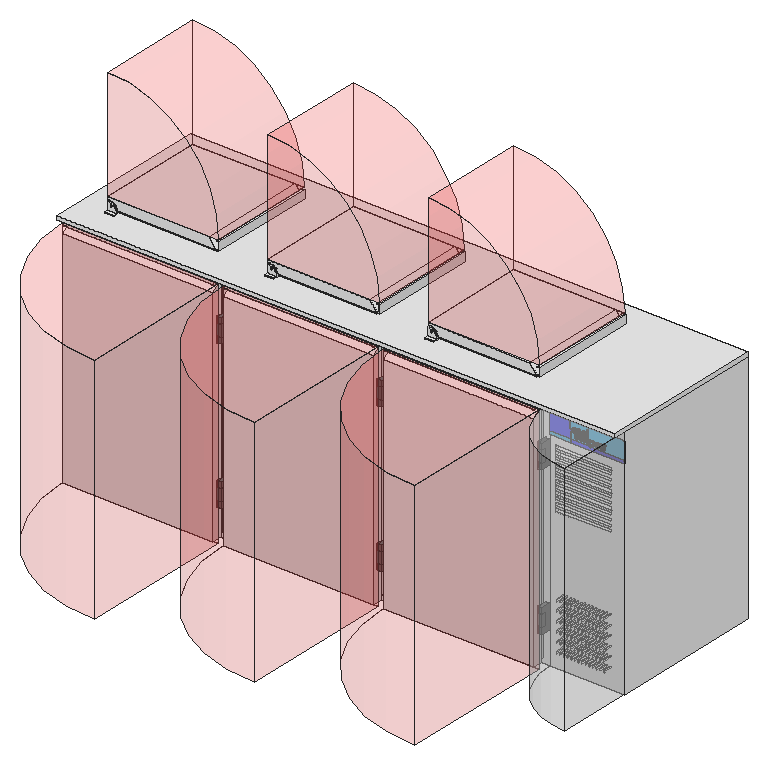
Revit family "QF_Cool-Compact_Abfallkuehler_3x120L_ZK", category Sonderausstattung, Revit 2020 (continued)
Forms (mm)
  Extrusion 9, solid, detail levels fine
    sketch origin (708.929, 0, 0) x (1, 0, 0) y (0, 0, 1)
      loop
        arc (1432.082, 247.556) -> (1432.082, 253.213) -> (1426.425, 253.213) r 4
        line (1426.425, 253.213) -> (1398.141, 224.928)
      loop
        arc (1413.741, 224.928) -> (1413.741, 219.271) -> (1419.398, 219.271) r 4
        line (1419.398, 219.271) -> (1447.682, 247.556)
        arc (1447.682, 247.556) -> (1447.682, 253.213) -> (1442.025, 253.213) r 4
        line (1442.025, 253.213) -> (1413.741, 224.928)
      loop
        line (1434.998, 219.271) -> (1463.282, 247.556)
        arc (1463.282, 247.556) -> (1463.282, 253.213) -> (1457.625, 253.213) r 4
        line (1457.625, 253.213) -> (1429.341, 224.928)
        arc (1429.341, 224.928) -> (1429.341, 219.271) -> (1434.998, 219.271) r 4
      loop
        line (1450.598, 219.271) -> (1478.882, 247.556)
        arc (1478.882, 247.556) -> (1478.882, 253.213) -> (1473.225, 253.213) r 4
        line (1473.225, 253.213) -> (1444.941, 224.928)
        arc (1444.941, 224.928) -> (1444.941, 219.271) -> (1450.598, 219.271) r 4
      loop
        arc (1460.541, 224.928) -> (1460.541, 219.271) -> (1466.198, 219.271) r 4
        line (1466.198, 219.271) -> (1494.482, 247.556)
        arc (1494.482, 247.556) -> (1494.482, 253.213) -> (1488.825, 253.213) r 4
        line (1488.825, 253.213) -> (1460.541, 224.928)
      loop
        arc (1476.141, 224.928) -> (1476.141, 219.271) -> (1481.798, 219.271) r 4
        line (1481.798, 219.271) -> (1510.082, 247.556)
        arc (1510.082, 247.556) -> (1510.082, 253.213) -> (1504.425, 253.213) r 4
        line (1504.425, 253.213) -> (1476.141, 224.928)
      loop
        arc (1491.741, 224.928) -> (1491.741, 219.271) -> (1497.398, 219.271) r 4
        line (1497.398, 219.271) -> (1525.682, 247.556)
        arc (1525.682, 247.556) -> (1525.682, 253.213) -> (1520.025, 253.213) r 4
        line (1520.025, 253.213) -> (1491.741, 224.928)
      loop
        arc (1507.341, 224.928) -> (1507.341, 219.271) -> (1512.998, 219.271) r 4
        line (1512.998, 219.271) -> (1541.282, 247.556)
        arc (1541.282, 247.556) -> (1541.282, 253.213) -> (1535.625, 253.213) r 4
        line (1535.625, 253.213) -> (1507.341, 224.928)
      loop
        arc (1522.941, 224.928) -> (1522.941, 219.271) -> (1528.598, 219.271) r 4
        line (1528.598, 219.271) -> (1556.882, 247.556)
        arc (1556.882, 247.556) -> (1556.882, 253.213) -> (1551.225, 253.213) r 4
        line (1551.225, 253.213) -> (1522.941, 224.928)
      loop
        arc (1538.541, 224.928) -> (1538.541, 219.271) -> (1544.198, 219.271) r 4
        line (1544.198, 219.271) -> (1572.482, 247.556)
        arc (1572.482, 247.556) -> (1572.482, 253.213) -> (1566.825, 253.213) r 4
        line (1566.825, 253.213) -> (1538.541, 224.928)
      loop
        arc (1554.141, 224.928) -> (1554.141, 219.271) -> (1559.798, 219.271) r 4
        line (1559.798, 219.271) -> (1588.082, 247.556)
        arc (1588.082, 247.556) -> (1588.082, 253.213) -> (1582.425, 253.213) r 4
        line (1582.425, 253.213) -> (1554.141, 224.928)
      loop
        arc (1569.741, 224.928) -> (1569.741, 219.271) -> (1575.398, 219.271) r 4
        line (1575.398, 219.271) -> (1603.682, 247.556)
        arc (1603.682, 247.556) -> (1603.682, 253.213) -> (1598.025, 253.213) r 4
        line (1598.025, 253.213) -> (1569.741, 224.928)
      loop
        arc (1585.341, 224.928) -> (1585.341, 219.271) -> (1590.998, 219.271) r 4
        line (1590.998, 219.271) -> (1619.282, 247.556)
        arc (1619.282, 247.556) -> (1619.282, 253.213) -> (1613.625, 253.213) r 4
        line (1613.625, 253.213) -> (1585.341, 224.928)
      loop
        arc (1600.941, 224.928) -> (1600.941, 219.271) -> (1606.598, 219.271) r 4
        line (1606.598, 219.271) -> (1634.882, 247.556)
        arc (1634.882, 247.556) -> (1634.882, 253.213) -> (1629.225, 253.213) r 4
        line (1629.225, 253.213) -> (1600.941, 224.928)
      loop
        arc (1398.141, 184.628) -> (1398.141, 178.971) -> (1403.798, 178.971) r 4
        line (1403.798, 178.971) -> (1432.082, 207.256)
        arc (1432.082, 207.256) -> (1432.082, 212.913) -> (1426.425, 212.913) r 4
        line (1426.425, 212.913) -> (1398.141, 184.628)
      loop
        arc (1413.741, 184.628) -> (1413.741, 178.971) -> (1419.398, 178.971) r 4
        line (1419.398, 178.971) -> (1447.682, 207.256)
        arc (1447.682, 207.256) -> (1447.682, 212.913) -> (1442.025, 212.913) r 4
        line (1442.025, 212.913) -> (1413.741, 184.628)
      loop
        line (1434.998, 178.971) -> (1463.282, 207.256)
        arc (1463.282, 207.256) -> (1463.282, 212.913) -> (1457.625, 212.913) r 4
        line (1457.625, 212.913) -> (1429.341, 184.628)
        arc (1429.341, 184.628) -> (1429.341, 178.971) -> (1434.998, 178.971) r 4
      loop
        line (1450.598, 178.971) -> (1478.882, 207.256)
        arc (1478.882, 207.256) -> (1478.882, 212.913) -> (1473.225, 212.913) r 4
        line (1473.225, 212.913) -> (1444.941, 184.628)
        arc (1444.941, 184.628) -> (1444.941, 178.971) -> (1450.598, 178.971) r 4
      loop
        arc (1460.541, 184.628) -> (1460.541, 178.971) -> (1466.198, 178.971) r 4
        line (1466.198, 178.971) -> (1494.482, 207.256)
        arc (1494.482, 207.256) -> (1494.482, 212.913) -> (1488.825, 212.913) r 4
        line (1488.825, 212.913) -> (1460.541, 184.628)
      loop
        arc (1476.141, 184.628) -> (1476.141, 178.971) -> (1481.798, 178.971) r 4
        line (1481.798, 178.971) -> (1510.082, 207.256)
        arc (1510.082, 207.256) -> (1510.082, 212.913) -> (1504.425, 212.913) r 4
        line (1504.425, 212.913) -> (1476.141, 184.628)
      loop
        arc (1491.741, 184.628) -> (1491.741, 178.971) -> (1497.398, 178.971) r 4
        line (1497.398, 178.971) -> (1525.682, 207.256)
        arc (1525.682, 207.256) -> (1525.682, 212.913) -> (1520.025, 212.913) r 4
        line (1520.025, 212.913) -> (1491.741, 184.628)
      loop
        arc (1507.341, 184.628) -> (1507.341, 178.971) -> (1512.998, 178.971) r 4
        line (1512.998, 178.971) -> (1541.282, 207.256)
        arc (1541.282, 207.256) -> (1541.282, 212.913) -> (1535.625, 212.913) r 4
        line (1535.625, 212.913) -> (1507.341, 184.628)
      loop
        arc (1522.941, 184.628) -> (1522.941, 178.971) -> (1528.598, 178.971) r 4
        line (1528.598, 178.971) -> (1556.882, 207.256)
        arc (1556.882, 207.256) -> (1556.882, 212.913) -> (1551.225, 212.913) r 4
        line (1551.225, 212.913) -> (1522.941, 184.628)
      loop
        arc (1538.541, 184.628) -> (1538.541, 178.971) -> (1544.198, 178.971) r 4
        line (1544.198, 178.971) -> (1572.482, 207.256)
        arc (1572.482, 207.256) -> (1572.482, 212.913) -> (1566.825, 212.913) r 4
        line (1566.825, 212.913) -> (1538.541, 184.628)
      loop
        arc (1554.141, 184.628) -> (1554.141, 178.971) -> (1559.798, 178.971) r 4
        line (1559.798, 178.971) -> (1588.082, 207.256)
        arc (1588.082, 207.256) -> (1588.082, 212.913) -> (1582.425, 212.913) r 4
        line (1582.425, 212.913) -> (1554.141, 184.628)
      loop
        arc (1569.741, 184.628) -> (1569.741, 178.971) -> (1575.398, 178.971) r 4
        line (1575.398, 178.971) -> (1603.682, 207.256)
        arc (1603.682, 207.256) -> (1603.682, 212.913) -> (1598.025, 212.913) r 4
        line (1598.025, 212.913) -> (1569.741, 184.628)
      loop
        arc (1585.341, 184.628) -> (1585.341, 178.971) -> (1590.998, 178.971) r 4
        line (1590.998, 178.971) -> (1619.282, 207.256)
        arc (1619.282, 207.256) -> (1619.282, 212.913) -> (1613.625, 212.913) r 4
        line (1613.625, 212.913) -> (1585.341, 184.628)
      loop
        arc (1600.941, 184.628) -> (1600.941, 178.971) -> (1606.598, 178.971) r 4
        line (1606.598, 178.971) -> (1634.882, 207.256)
        arc (1634.882, 207.256) -> (1634.882, 212.913) -> (1629.225, 212.913) r 4
        line (1629.225, 212.913) -> (1600.941, 184.628)
      loop
        arc (1398.141, 144.328) -> (1398.141, 138.671) -> (1403.798, 138.671) r 4
        line (1403.798, 138.671) -> (1432.082, 166.956)
        arc (1432.082, 166.956) -> (1432.082, 172.613) -> (1426.425, 172.613) r 4
        line (1426.425, 172.613) -> (1398.141, 144.328)
      loop
        arc (1413.741, 144.328) -> (1413.741, 138.671) -> (1419.398, 138.671) r 4
        line (1419.398, 138.671) -> (1447.682, 166.956)
        arc (1447.682, 166.956) -> (1447.682, 172.613) -> (1442.025, 172.613) r 4
        line (1442.025, 172.613) -> (1413.741, 144.328)
      loop
        line (1434.998, 138.671) -> (1463.282, 166.956)
        arc (1463.282, 166.956) -> (1463.282, 172.613) -> (1457.625, 172.613) r 4
        line (1457.625, 172.613) -> (1429.341, 144.328)
        arc (1429.341, 144.328) -> (1429.341, 138.671) -> (1434.998, 138.671) r 4
      loop
        line (1450.598, 138.671) -> (1478.882, 166.956)
        arc (1478.882, 166.956) -> (1478.882, 172.613) -> (1473.225, 172.613) r 4
        line (1473.225, 172.613) -> (1444.941, 144.328)
        arc (1444.941, 144.328) -> (1444.941, 138.671) -> (1450.598, 138.671) r 4
      loop
        arc (1460.541, 144.328) -> (1460.541, 138.671) -> (1466.198, 138.671) r 4
        line (1466.198, 138.671) -> (1494.482, 166.956)
        arc (1494.482, 166.956) -> (1494.482, 172.613) -> (1488.825, 172.613) r 4
        line (1488.825, 172.613) -> (1460.541, 144.328)
      loop
        arc (1476.141, 144.328) -> (1476.141, 138.671) -> (1481.798, 138.671) r 4
        line (1481.798, 138.671) -> (1510.082, 166.956)
        arc (1510.082, 166.956) -> (1510.082, 172.613) -> (1504.425, 172.613) r 4
        line (1504.425, 172.613) -> (1476.141, 144.328)
      loop
        arc (1491.741, 144.328) -> (1491.741, 138.671) -> (1497.398, 138.671) r 4
        line (1497.398, 138.671) -> (1525.682, 166.956)
        arc (1525.682, 166.956) -> (1525.682, 172.613) -> (1520.025, 172.613) r 4
        line (1520.025, 172.613) -> (1491.741, 144.328)
      loop
        arc (1507.341, 144.328) -> (1507.341, 138.671) -> (1512.998, 138.671) r 4
        line (1512.998, 138.671) -> (1541.282, 166.956)
        arc (1541.282, 166.956) -> (1541.282, 172.613) -> (1535.625, 172.613) r 4
        line (1535.625, 172.613) -> (1507.341, 144.328)
      loop
        arc (1522.941, 144.328) -> (1522.941, 138.671) -> (1528.598, 138.671) r 4
        line (1528.598, 138.671) -> (1556.882, 166.956)
        arc (1556.882, 166.956) -> (1556.882, 172.613) -> (1551.225, 172.613) r 4
        line (1551.225, 172.613) -> (1522.941, 144.328)
      loop
        arc (1538.541, 144.328) -> (1538.541, 138.671) -> (1544.198, 138.671) r 4
        line (1544.198, 138.671) -> (1572.482, 166.956)
        arc (1572.482, 166.956) -> (1572.482, 172.613) -> (1566.825, 172.613) r 4
        line (1566.825, 172.613) -> (1538.541, 144.328)
      loop
        arc (1554.141, 144.328) -> (1554.141, 138.671) -> (1559.798, 138.671) r 4
        line (1559.798, 138.671) -> (1588.082, 166.956)
        arc (1588.082, 166.956) -> (1588.082, 172.613) -> (1582.425, 172.613) r 4
        line (1582.425, 172.613) -> (1554.141, 144.328)
      loop
        arc (1569.741, 144.328) -> (1569.741, 138.671) -> (1575.398, 138.671) r 4
        line (1575.398, 138.671) -> (1603.682, 166.956)
        arc (1603.682, 166.956) -> (1603.682, 172.613) -> (1598.025, 172.613) r 4
        line (1598.025, 172.613) -> (1569.741, 144.328)
      loop
        arc (1585.341, 144.328) -> (1585.341, 138.671) -> (1590.998, 138.671) r 4
        line (1590.998, 138.671) -> (1619.282, 166.956)
        arc (1619.282, 166.956) -> (1619.282, 172.613) -> (1613.625, 172.613) r 4
        line (1613.625, 172.613) -> (1585.341, 144.328)
      loop
        arc (1600.941, 144.328) -> (1600.941, 138.671) -> (1606.598, 138.671) r 4
        line (1606.598, 138.671) -> (1634.882, 166.956)
        arc (1634.882, 166.956) -> (1634.882, 172.613) -> (1629.225, 172.613) r 4
        line (1629.225, 172.613) -> (1600.941, 144.328)
      loop
        arc (1398.141, 104.028) -> (1398.141, 98.371) -> (1403.798, 98.371) r 4
        line (1403.798, 98.371) -> (1432.082, 126.656)
        arc (1432.082, 126.656) -> (1432.082, 132.313) -> (1426.425, 132.313) r 4
        line (1426.425, 132.313) -> (1398.141, 104.028)
      loop
        arc (1413.741, 104.028) -> (1413.741, 98.371) -> (1419.398, 98.371) r 4
        line (1419.398, 98.371) -> (1447.682, 126.656)
        arc (1447.682, 126.656) -> (1447.682, 132.313) -> (1442.025, 132.313) r 4
        line (1442.025, 132.313) -> (1413.741, 104.028)
      loop
        line (1434.998, 98.371) -> (1463.282, 126.656)
        arc (1463.282, 126.656) -> (1463.282, 132.313) -> (1457.625, 132.313) r 4
        line (1457.625, 132.313) -> (1429.341, 104.028)
        arc (1429.341, 104.028) -> (1429.341, 98.371) -> (1434.998, 98.371) r 4
      loop
        line (1450.598, 98.371) -> (1478.882, 126.656)
        arc (1478.882, 126.656) -> (1478.882, 132.313) -> (1473.225, 132.313) r 4
        line (1473.225, 132.313) -> (1444.941, 104.028)
        arc (1444.941, 104.028) -> (1444.941, 98.371) -> (1450.598, 98.371) r 4
      loop
        arc (1460.541, 104.028) -> (1460.541, 98.371) -> (1466.198, 98.371) r 4
        line (1466.198, 98.371) -> (1494.482, 126.656)
        arc (1494.482, 126.656) -> (1494.482, 132.313) -> (1488.825, 132.313) r 4
        line (1488.825, 132.313) -> (1460.541, 104.028)
      loop
        arc (1476.141, 104.028) -> (1476.141, 98.371) -> (1481.798, 98.371) r 4
        line (1481.798, 98.371) -> (1510.082, 126.656)
        arc (1510.082, 126.656) -> (1510.082, 132.313) -> (1504.425, 132.313) r 4
        line (1504.425, 132.313) -> (1476.141, 104.028)
      loop
        arc (1491.741, 104.028) -> (1491.741, 98.371) -> (1497.398, 98.371) r 4
        line (1497.398, 98.371) -> (1525.682, 126.656)
        arc (1525.682, 126.656) -> (1525.682, 132.313) -> (1520.025, 132.313) r 4
        line (1520.025, 132.313) -> (1491.741, 104.028)
      loop
        arc (1507.341, 104.028) -> (1507.341, 98.371) -> (1512.998, 98.371) r 4
        line (1512.998, 98.371) -> (1541.282, 126.656)
        arc (1541.282, 126.656) -> (1541.282, 132.313) -> (1535.625, 132.313) r 4
        line (1535.625, 132.313) -> (1507.341, 104.028)
      loop
        arc (1522.941, 104.028) -> (1522.941, 98.371) -> (1528.598, 98.371) r 4
        line (1528.598, 98.371) -> (1556.882, 126.656)
        arc (1556.882, 126.656) -> (1556.882, 132.313) -> (1551.225, 132.313) r 4
        line (1551.225, 132.313) -> (1522.941, 104.028)
      loop
        arc (1538.541, 104.028) -> (1538.541, 98.371) -> (1544.198, 98.371) r 4
        line (1544.198, 98.371) -> (1572.482, 126.656)
        arc (1572.482, 126.656) -> (1572.482, 132.313) -> (1566.825, 132.313) r 4
        line (1566.825, 132.313) -> (1538.541, 104.028)
      loop
        arc (1554.141, 104.028) -> (1554.141, 98.371) -> (1559.798, 98.371) r 4
        line (1559.798, 98.371) -> (1588.082, 126.656)
        arc (1588.082, 126.656) -> (1588.082, 132.313) -> (1582.425, 132.313) r 4
        line (1582.425, 132.313) -> (1554.141, 104.028)
      loop
        arc (1569.741, 104.028) -> (1569.741, 98.371) -> (1575.398, 98.371) r 4
        line (1575.398, 98.371) -> (1603.682, 126.656)
        arc (1603.682, 126.656) -> (1603.682, 132.313) -> (1598.025, 132.313) r 4
        line (1598.025, 132.313) -> (1569.741, 104.028)
      loop
        arc (1585.341, 104.028) -> (1585.341, 98.371) -> (1590.998, 98.371) r 4
        line (1590.998, 98.371) -> (1619.282, 126.656)
        arc (1619.282, 126.656) -> (1619.282, 132.313) -> (1613.625, 132.313) r 4
        line (1613.625, 132.313) -> (1585.341, 104.028)
      loop
        arc (1600.941, 104.028) -> (1600.941, 98.371) -> (1606.598, 98.371) r 4
        line (1606.598, 98.371) -> (1634.882, 126.656)
        arc (1634.882, 126.656) -> (1634.882, 132.313) -> (1629.225, 132.313) r 4
        line (1629.225, 132.313) -> (1600.941, 104.028)
      loop
        arc (1398.141, 63.728) -> (1398.141, 58.071) -> (1403.798, 58.071) r 4
        line (1403.798, 58.071) -> (1432.082, 86.356)
        arc (1432.082, 86.356) -> (1432.082, 92.013) -> (1426.425, 92.013) r 4
        line (1426.425, 92.013) -> (1398.141, 63.728)
      loop
        arc (1413.741, 63.728) -> (1413.741, 58.071) -> (1419.398, 58.071) r 4
        line (1419.398, 58.071) -> (1447.682, 86.356)
        arc (1447.682, 86.356) -> (1447.682, 92.013) -> (1442.025, 92.013) r 4
        line (1442.025, 92.013) -> (1413.741, 63.728)
      loop
        line (1434.998, 58.071) -> (1463.282, 86.356)
        arc (1463.282, 86.356) -> (1463.282, 92.013) -> (1457.625, 92.013) r 4
        line (1457.625, 92.013) -> (1429.341, 63.728)
        arc (1429.341, 63.728) -> (1429.341, 58.071) -> (1434.998, 58.071) r 4
      loop
        line (1450.598, 58.071) -> (1478.882, 86.356)
        arc (1478.882, 86.356) -> (1478.882, 92.013) -> (1473.225, 92.013) r 4
        line (1473.225, 92.013) -> (1444.941, 63.728)
        arc (1444.941, 63.728) -> (1444.941, 58.071) -> (1450.598, 58.071) r 4
      loop
        arc (1460.541, 63.728) -> (1460.541, 58.071) -> (1466.198, 58.071) r 4
        line (1466.198, 58.071) -> (1494.482, 86.356)
        arc (1494.482, 86.356) -> (1494.482, 92.013) -> (1488.825, 92.013) r 4
        line (1488.825, 92.013) -> (1460.541, 63.728)
      loop
        arc (1476.141, 63.728) -> (1476.141, 58.071) -> (1481.798, 58.071) r 4
        line (1481.798, 58.071) -> (1510.082, 86.356)
        arc (1510.082, 86.356) -> (1510.082, 92.013) -> (1504.425, 92.013) r 4
        line (1504.425, 92.013) -> (1476.141, 63.728)
      loop
        arc (1491.741, 63.728) -> (1491.741, 58.071) -> (1497.398, 58.071) r 4
        line (1497.398, 58.071) -> (1525.682, 86.356)
        arc (1525.682, 86.356) -> (1525.682, 92.013) -> (1520.025, 92.013) r 4
        line (1520.025, 92.013) -> (1491.741, 63.728)
      loop
        arc (1507.341, 63.728) -> (1507.341, 58.071) -> (1512.998, 58.071) r 4
        line (1512.998, 58.071) -> (1541.282, 86.356)
        arc (1541.282, 86.356) -> (1541.282, 92.013) -> (1535.625, 92.013) r 4
        line (1535.625, 92.013) -> (1507.341, 63.728)
      loop
        arc (1522.941, 63.728) -> (1522.941, 58.071) -> (1528.598, 58.071) r 4
        line (1528.598, 58.071) -> (1556.882, 86.356)
        arc (1556.882, 86.356) -> (1556.882, 92.013) -> (1551.225, 92.013) r 4
        line (1551.225, 92.013) -> (1522.941, 63.728)
      loop
        arc (1538.541, 63.728) -> (1538.541, 58.071) -> (1544.198, 58.071) r 4
        line (1544.198, 58.071) -> (1572.482, 86.356)
        arc (1572.482, 86.356) -> (1572.482, 92.013) -> (1566.825, 92.013) r 4
        line (1566.825, 92.013) -> (1538.541, 63.728)
      loop
        arc (1554.141, 63.728) -> (1554.141, 58.071) -> (1559.798, 58.071) r 4
        line (1559.798, 58.071) -> (1588.082, 86.356)
        arc (1588.082, 86.356) -> (1588.082, 92.013) -> (1582.425, 92.013) r 4
        line (1582.425, 92.013) -> (1554.141, 63.728)
      loop
        arc (1569.741, 63.728) -> (1569.741, 58.071) -> (1575.398, 58.071) r 4
        line (1575.398, 58.071) -> (1603.682, 86.356)
        arc (1603.682, 86.356) -> (1603.682, 92.013) -> (1598.025, 92.013) r 4
        line (1598.025, 92.013) -> (1569.741, 63.728)
      loop
        arc (1585.341, 63.728) -> (1585.341, 58.071) -> (1590.998, 58.071) r 4
        line (1590.998, 58.071) -> (1619.282, 86.356)
        arc (1619.282, 86.356) -> (1619.282, 92.013) -> (1613.625, 92.013) r 4
        line (1613.625, 92.013) -> (1585.341, 63.728)
      loop
        arc (1600.941, 63.728) -> (1600.941, 58.071) -> (1606.598, 58.071) r 4
        line (1606.598, 58.071) -> (1634.882, 86.356)
        arc (1634.882, 86.356) -> (1634.882, 92.013) -> (1629.225, 92.013) r 4
        line (1629.225, 92.013) -> (1600.941, 63.728)
    from 609 to 665
  Extrusion 10, solid, detail levels fine
    sketch origin (1342.808, 0, 0) x (-1, 0, 0) y (0, 0, -1)
      loop
        line (752.308, -1042) -> (752.308, -1077) -> (763.708, -1077)
        arc (763.708, -1077) -> (764.308, -1076.4) -> (763.708, -1075.8) r 0.6
        line (763.708, -1075.8) -> (753.508, -1075.8) -> (753.508, -1043.2) -> (765.908, -1043.2) -> (794.619, -1082) -> (1232.308, -1082) -> (1232.308, -1042) -> (752.308, -1042)
    from 125 to 585
  Extrusion 11, solid, detail levels fine
    sketch origin (1342.808, -12.5, 0) x (-1, 0, 0) y (0, 0, -1)
      loop
        line (1230.43, -1030) -> (1192.308, -1030) -> (1192.308, -1042.541)
        arc (1192.308, -1042.541) -> (1193.683, -1047.602) -> (1197.43, -1051.271) r 10
        arc (1197.43, -1051.271) -> (1200.544, -1053.989) -> (1202.292, -1057.735) r 10
        line (1202.292, -1057.735) -> (1202.757, -1059.736)
        arc (1202.757, -1059.736) -> (1207.83, -1067.199) -> (1216.601, -1069.315) r 12.524
        arc (1216.601, -1069.315) -> (1220.167, -1067.281) -> (1222.8, -1070.431) r 3.2
        arc (1222.8, -1070.431) -> (1223.093, -1071.138) -> (1223.8, -1071.431) r 1
        line (1223.8, -1071.431) -> (1225.43, -1071.431)
        arc (1225.43, -1071.431) -> (1228.966, -1069.966) -> (1230.43, -1066.431) r 5
        line (1230.43, -1066.431) -> (1230.43, -1030)
      loop
        line (1217.508, -1058) -> (1217.508, -1054.5)
        arc (1217.508, -1054.5) -> (1214.308, -1051.3) -> (1211.108, -1054.5) r 3.2
        line (1211.108, -1054.5) -> (1211.108, -1058)
        arc (1211.108, -1058) -> (1214.308, -1061.2) -> (1217.508, -1058) r 3.2
    from 572.5 to 575.5
  Extrusion 12, solid, material "QF_Rubber-Gray", detail levels medium+fine
    sketch origin (1343, 0, 0) x (-1, 0, 0) y (0, -1, 0)
      loop
        line (1211, 136.5) -> (1211, 573.5) -> (774, 573.5) -> (774, 136.5) -> (1211, 136.5)
    from 1030 to 1042
  Extrusion 13, solid, detail levels fine
    sketch origin (1343, -12.5, 0) x (-1, 0, 0) y (0, 0, -1)
      loop
        circle (1199.5, -1059) r 3
      loop
        circle (1214.5, -1055) r 3
    from 572.5 to 575.5
  Extrusion 14, solid, detail levels fine
    sketch origin (1343, -697.5, 0) x (-1, 0, 0) y (0, 0, 1)
      loop
        circle (1199.5, 1059) r 3
      loop
        circle (1214.5, 1055) r 3
    from 572.5 to 575.5
  Extrusion 15, solid, material "QF_Rubber-Gray", detail levels medium+fine
    sketch origin (-689.5, 0, 0) x (1, 0, 0) y (0, 0, 1)
      loop
        line (729, 990.5) -> (729, 28.5) -> (1351, 28.5) -> (1351, 990.5) -> (729, 990.5)
    from 668.8 to 681
  Extrusion 16, solid, material "QF_Plastic-Light Gray", detail levels medium+fine
    sketch origin (-689.5, 0, 0) x (1, 0, 0) y (0, 0, 1)
      loop
        arc (724.2, 1001) -> (723.493, 1000.707) -> (723.2, 1000) r 1
        line (723.2, 1000) -> (723.2, 19)
        arc (723.2, 19) -> (723.493, 18.293) -> (724.2, 18) r 1
        line (724.2, 18) -> (1355.8, 18)
        arc (1355.8, 18) -> (1356.507, 18.293) -> (1356.8, 19) r 1
        line (1356.8, 19) -> (1356.8, 1000)
        arc (1356.8, 1000) -> (1356.507, 1000.707) -> (1355.8, 1001) r 1
        line (1355.8, 1001) -> (724.2, 1001)
    from 665 to 668.8
  Extrusion 17, solid, detail levels coarse
    sketch origin (10.5, 0, 0) x (1, 0, 0) y (0, 1, 0)
      loop
        line (100, -585) -> (580, -585) -> (580, -125) -> (100, -125) -> (100, -585)
    from 1030 to 1082
  Extrusion 18, solid, detail levels medium
    sketch origin (10.5, 0, 0) x (1, 0, 0) y (0, 1, 0)
      loop
        line (100, -585) -> (580, -585) -> (580, -125) -> (100, -125) -> (100, -585)
    from 1042 to 1082
  Extrusion 19, solid, detail levels fine
    sketch origin (-47, -12.5, 0) x (1, 0, 0) y (0, 1, 0)
      loop
        line (159.378, -575.5) -> (159.378, -592.5) -> (197.5, -592.5) -> (197.5, -575.5) -> (159.378, -575.5)
    from 1030 to 1033
  Extrusion 20, solid, detail levels fine
    sketch origin (-47, -697.5, 0) x (1, 0, 0) y (0, 1, 0)
      loop
        line (159.378, 575.5) -> (197.5, 575.5) -> (197.5, 592.5) -> (159.378, 592.5) -> (159.378, 575.5)
    from 1030 to 1033
  Extrusion 21, solid, detail levels fine
    sketch origin (1342.808, -697.5, 0) x (-1, 0, 0) y (0, 0, 1)
      loop
        line (1230.43, 1030) -> (1230.43, 1066.431)
        arc (1230.43, 1066.431) -> (1228.966, 1069.966) -> (1225.43, 1071.431) r 5
        line (1225.43, 1071.431) -> (1223.8, 1071.431)
        arc (1223.8, 1071.431) -> (1223.093, 1071.138) -> (1222.8, 1070.431) r 1
        arc (1222.8, 1070.431) -> (1220.167, 1067.281) -> (1216.601, 1069.315) r 3.2
        arc (1216.601, 1069.315) -> (1207.83, 1067.199) -> (1202.757, 1059.736) r 12.524
        line (1202.757, 1059.736) -> (1202.292, 1057.735)
        arc (1202.292, 1057.735) -> (1200.544, 1053.989) -> (1197.43, 1051.271) r 10
        arc (1197.43, 1051.271) -> (1193.683, 1047.602) -> (1192.308, 1042.541) r 10
        line (1192.308, 1042.541) -> (1192.308, 1030) -> (1230.43, 1030)
      loop
        arc (1217.508, 1058) -> (1214.308, 1061.2) -> (1211.108, 1058) r 3.2
        line (1211.108, 1058) -> (1211.108, 1054.5)
        arc (1211.108, 1054.5) -> (1214.308, 1051.3) -> (1217.508, 1054.5) r 3.2
        line (1217.508, 1054.5) -> (1217.508, 1058)
    from 572.5 to 575.5
  Extrusion 22, solid, detail levels medium
    sketch origin (0, 0, 0) x (1, 0, 0) y (0, 1, 0)
      loop
        line (27.5, -681) -> (27.5, -721) -> (673.5, -721) -> (673.5, -681) -> (27.5, -681)
    from 10 to 1011
  Extrusion 23, solid, detail levels coarse
    sketch origin (0, 0, 0) x (1, 0, 0) y (0, 1, 0)
      loop
        line (27.5, -665) -> (27.5, -721) -> (697.5, -721) -> (697.5, -665) -> (27.5, -665)
    from 10 to 1011
  Extrusion 24, solid, detail levels fine
    sketch origin (690, 0, 0) x (1, 0, 0) y (0, 1, 0)
      loop
        line (1390.008, 0) -> (1390.008, -15) -> (1695, -15) -> (1695, -665) -> (1710, -665) -> (1710, 0) -> (1390.008, 0)
    from 0 to 1014
  Extrusion 25, solid, visible <- "Notwendige Abstände anzeigen"
    sketch origin (1400.5, 0, 0) x (-1, 0, 0) y (0, 0, -1)
      loop
        line (1290, -1562) -> (1290, -1082) -> (810, -1082)
        arc (810, -1082) -> (950.589, -1421.411) -> (1290, -1562) r 480
    from 125 to 585
  Extrusion 26, solid, detail levels coarse+medium
    sketch origin (708.929, 0, 0) x (1, 0, 0) y (0, 0, 1)
      loop
        line (1371.071, 1014) -> (1371.071, 0) -> (1676.071, 0) -> (1676.071, 1014) -> (1371.071, 1014)
    from 609 to 665
  Extrusion 27, solid, detail levels coarse+medium
    sketch origin (0, 28.867, 0) x (1, 0, 0) y (0, 1, 0)
      loop
        line (2080, -693.867) -> (2080, -28.867) -> (0, -28.867) -> (0, -693.867) -> (2080, -693.867)
    from 0 to 1014
  Extrusion 28, solid, detail levels coarse+medium
    sketch origin (690, 0, 0) x (1, 0, 0) y (0, 1, 0)
      loop
        line (1390.008, 0) -> (1390.008, -15) -> (1695, -15) -> (1695, -665) -> (1710, -665) -> (1710, 0) -> (1390.008, 0)
    from 0 to 1014
  Extrusion 29, solid, visible <- "Notwendige Abstände anzeigen"
    sketch origin (690, 0, 0) x (1, 0, 0) y (0, 1, 0)
      loop
        arc (1390, -665) -> (1483.726, -891.274) -> (1710, -985) r 320
        line (1710, -985) -> (1710, -665) -> (1390, -665)
    from 0 to 1014
  Extrusion 30, solid, material "QF_Rubber-Black"
    sketch origin (0, 250, 0) x (0, 1, 0) y (0, 0, 1)
      loop
        circle (-300, 500) r 7.5
    from 2080 to 2200
  Extrusion 31, solid, material "QF_Plastic-Black-Matte", detail levels fine
    sketch origin (701, 0, 0) x (0, 1, 0) y (0, 0, -1)
      loop
        line (-689, -850.5) -> (-707, -850.5) -> (-707, -875) -> (-665, -875) -> (-665, -773) -> (-707, -773) -> (-707, -797.5) -> (-689, -797.5) -> (-689, -850.5)
    from 3.5 to 19.5
  Extrusion 32, solid, material "QF_Plastic-Black-Matte", detail levels fine
    sketch origin (701, 0, 0) x (-1, 0, 0) y (0, 0, -1)
      loop
        line (27.5, -875) -> (27.5, -773) -> (21.5, -773) -> (21.5, -798.5) -> (3.5, -798.5) -> (3.5, -849.5) -> (21.5, -849.5) -> (21.5, -875) -> (27.5, -875)
    from 693 to 707
  Extrusion 33, solid, material "QF_Plastic-Black-Matte", detail levels fine
    sketch origin (701, 0, 0) x (-1, 0, 0) y (0, -1, 0)
      loop
        circle (12.5, 698) r 3
    from 849.5 to 850.5
  Extrusion 34, solid, material "QF_Plastic-Black-Matte", detail levels fine
    sketch origin (701, 0, 1648) x (0, 1, 0) y (-1, 0, 0)
      loop
        circle (-698, 12.5) r 3
    from -798.5 to -797.5
  Extrusion 35, solid, material "QF_Plastic-Black-Matte", detail levels fine
    sketch origin (701, 0, 0) x (-1, 0, 0) y (0, -1, 0)
      loop
        circle (12.5, 698) r 3
    from 797.5 to 798.5
  Extrusion 36, solid, material "QF_Plastic-Black-Matte", detail levels fine
    sketch origin (701, 0, -634) x (0, 1, 0) y (0, 0, -1)
      loop
        line (-689, -850.5) -> (-707, -850.5) -> (-707, -875) -> (-665, -875) -> (-665, -773) -> (-707, -773) -> (-707, -797.5) -> (-689, -797.5) -> (-689, -850.5)
    from 3.5 to 19.5
  Extrusion 37, solid, material "QF_Plastic-Black-Matte", detail levels fine
    sketch origin (701, 0, -634) x (-1, 0, 0) y (0, 0, -1)
      loop
        line (27.5, -875) -> (27.5, -773) -> (21.5, -773) -> (21.5, -798.5) -> (3.5, -798.5) -> (3.5, -849.5) -> (21.5, -849.5) -> (21.5, -875) -> (27.5, -875)
    from 693 to 707
  Extrusion 38, solid, material "QF_Plastic-Black-Matte", detail levels fine
    sketch origin (701, 0, -634) x (-1, 0, 0) y (0, -1, 0)
      loop
        circle (12.5, 698) r 3
    from 849.5 to 850.5
  Extrusion 39, solid, material "QF_Plastic-Black-Matte", detail levels fine
    sketch origin (701, 0, -634) x (-1, 0, 0) y (0, -1, 0)
      loop
        circle (12.5, 698) r 3
    from 797.5 to 798.5
  Extrusion 40, solid, material "QF_Plastic-Black-Matte", detail levels medium
    sketch origin (701, 0, 0) x (-1, 0, 0) y (0, -1, 0)
      loop
        line (3.5, 665) -> (27.5, 665) -> (27.5, 707) -> (3.5, 707) -> (3.5, 665)
    from 139 to 241
  Extrusion 41, solid, material "QF_Plastic-Black-Matte", detail levels medium
    sketch origin (701, 0, 0) x (-1, 0, 0) y (0, -1, 0)
      loop
        line (3.5, 665) -> (27.5, 665) -> (27.5, 707) -> (3.5, 707) -> (3.5, 665)
    from 773 to 875
  Sweep 42, solid, material "QF_Plastic-Light Gray"
    path origin (0, 0, 0) x (1, 0, 0) y (0, 1, 0)
      loop
        line (2080, -50) -> (2109.7, -50)
        arc (2109.7, -50) -> (2152.339, -67.661) -> (2170, -110.3) r 60.3
        line (2170, -110.3) -> (2170, -160)
    profile origin (2170, -135.15, 0) x (1, 0, 0) y (0, 0, 1)
      loop
        circle (0, 50) r 9.55
  Sweep 43, solid, material "QF_Copper"
    path origin (-30, 0, -360) x (1, 0, 0) y (0, 0, 1)
      loop
        line (2200, 512.5) -> (2200, 500)
    profile origin (2170, 0, 146.25) x (0, -1, 0) y (1, 0, 0)
      loop
        circle (50, 0) r 3
  Sweep 44, solid, material "QF_Rubber-Black"
    path origin (-30, 0, -360) x (1, 0, 0) y (0, 0, 1)
      loop
        line (2200, 512.5) -> (2200, 525)
        arc (2200, 525) -> (2192.678, 542.678) -> (2175, 550) r 25
        line (2175, 550) -> (2110, 550)
    profile origin (2112.5, 0, 190) x (0, 0, -1) y (0, -1, 0)
      loop
        circle (0, 50) r 16
  Sweep 45, solid, material "QF_Copper"
    path origin (30, 0, -360) x (1, 0, 0) y (0, 0, 1)
      loop
        line (2200, 512.5) -> (2200, 500)
    profile origin (2230, 0, 146.25) x (0, -1, 0) y (1, 0, 0)
      loop
        circle (50, 0) r 4
  Sweep 46, solid, material "QF_Rubber-Black"
    path origin (30, 0, -360) x (1, 0, 0) y (0, 0, 1)
      loop
        line (2200, 512.5) -> (2200, 550)
        arc (2200, 550) -> (2185.355, 585.355) -> (2150, 600) r 50
        line (2150, 600) -> (2050, 600)
    profile origin (2130, 0, 240) x (0, 0, -1) y (0, -1, 0)
      loop
        circle (0, 50) r 17
  Extrusion 47, void
    sketch origin (0, 0, 0) x (1, 0, 0) y (0, 0, 1)
      loop
        line (2290, 40) -> (2290, 150) -> (2190, 150) -> (2190, 40) -> (2290, 40)
      loop
        circle (2240, 285) r 25
    from 0 to 15
  Extrusion 48, solid, visible <- "Notwendige Abstände anzeigen"
    sketch origin (901, 0, 0) x (-1, 0, 0) y (0, -1, 0)
      loop
        arc (873.5, 721) -> (677.262, 1194.762) -> (203.5, 1391) r 670
        line (203.5, 1391) -> (203.5, 721) -> (873.5, 721)
    from 10 to 1011
  Extrusion 49, solid, detail levels fine
    sketch origin (2032.808, 0, 0) x (-1, 0, 0) y (0, 0, -1)
      loop
        line (752.308, -1042) -> (752.308, -1077) -> (763.708, -1077)
        arc (763.708, -1077) -> (764.308, -1076.4) -> (763.708, -1075.8) r 0.6
        line (763.708, -1075.8) -> (753.508, -1075.8) -> (753.508, -1043.2) -> (765.908, -1043.2) -> (794.619, -1082) -> (1232.308, -1082) -> (1232.308, -1042) -> (752.308, -1042)
    from 125 to 585
  Extrusion 50, solid, detail levels fine
    sketch origin (2032.808, -12.5, 0) x (-1, 0, 0) y (0, 0, -1)
      loop
        line (1230.43, -1030) -> (1192.308, -1030) -> (1192.308, -1042.541)
        arc (1192.308, -1042.541) -> (1193.683, -1047.602) -> (1197.43, -1051.271) r 10
        arc (1197.43, -1051.271) -> (1200.544, -1053.989) -> (1202.292, -1057.735) r 10
        line (1202.292, -1057.735) -> (1202.757, -1059.736)
        arc (1202.757, -1059.736) -> (1207.83, -1067.199) -> (1216.601, -1069.315) r 12.524
        arc (1216.601, -1069.315) -> (1220.167, -1067.281) -> (1222.8, -1070.431) r 3.2
        arc (1222.8, -1070.431) -> (1223.093, -1071.138) -> (1223.8, -1071.431) r 1
        line (1223.8, -1071.431) -> (1225.43, -1071.431)
        arc (1225.43, -1071.431) -> (1228.966, -1069.966) -> (1230.43, -1066.431) r 5
        line (1230.43, -1066.431) -> (1230.43, -1030)
      loop
        line (1217.508, -1058) -> (1217.508, -1054.5)
        arc (1217.508, -1054.5) -> (1214.308, -1051.3) -> (1211.108, -1054.5) r 3.2
        line (1211.108, -1054.5) -> (1211.108, -1058)
        arc (1211.108, -1058) -> (1214.308, -1061.2) -> (1217.508, -1058) r 3.2
    from 572.5 to 575.5
  Extrusion 51, solid, material "QF_Rubber-Gray", detail levels medium+fine
    sketch origin (2033, 0, 0) x (-1, 0, 0) y (0, -1, 0)
      loop
        line (1211, 136.5) -> (1211, 573.5) -> (774, 573.5) -> (774, 136.5) -> (1211, 136.5)
    from 1030 to 1042
  Extrusion 52, solid, detail levels fine
    sketch origin (2033, -12.5, 0) x (-1, 0, 0) y (0, 0, -1)
      loop
        circle (1199.5, -1059) r 3
      loop
        circle (1214.5, -1055) r 3
    from 572.5 to 575.5
  Extrusion 53, solid, detail levels fine
    sketch origin (2033, -697.5, 0) x (-1, 0, 0) y (0, 0, 1)
      loop
        circle (1199.5, 1059) r 3
      loop
        circle (1214.5, 1055) r 3
    from 572.5 to 575.5
  Extrusion 54, solid, detail levels coarse
    sketch origin (700.5, 0, 0) x (1, 0, 0) y (0, 1, 0)
      loop
        line (100, -585) -> (580, -585) -> (580, -125) -> (100, -125) -> (100, -585)
    from 1030 to 1082
  Extrusion 55, solid, detail levels medium
    sketch origin (700.5, 0, 0) x (1, 0, 0) y (0, 1, 0)
      loop
        line (100, -585) -> (580, -585) -> (580, -125) -> (100, -125) -> (100, -585)
    from 1042 to 1082
  Extrusion 56, solid, detail levels fine
    sketch origin (643, -12.5, 0) x (1, 0, 0) y (0, 1, 0)
      loop
        line (159.378, -575.5) -> (159.378, -592.5) -> (197.5, -592.5) -> (197.5, -575.5) -> (159.378, -575.5)
    from 1030 to 1033
  Extrusion 57, solid, detail levels fine
    sketch origin (643, -697.5, 0) x (1, 0, 0) y (0, 1, 0)
      loop
        line (159.378, 575.5) -> (197.5, 575.5) -> (197.5, 592.5) -> (159.378, 592.5) -> (159.378, 575.5)
    from 1030 to 1033
  Extrusion 58, solid, detail levels fine
    sketch origin (2032.808, -697.5, 0) x (-1, 0, 0) y (0, 0, 1)
      loop
        line (1230.43, 1030) -> (1230.43, 1066.431)
        arc (1230.43, 1066.431) -> (1228.966, 1069.966) -> (1225.43, 1071.431) r 5
        line (1225.43, 1071.431) -> (1223.8, 1071.431)
        arc (1223.8, 1071.431) -> (1223.093, 1071.138) -> (1222.8, 1070.431) r 1
        arc (1222.8, 1070.431) -> (1220.167, 1067.281) -> (1216.601, 1069.315) r 3.2
        arc (1216.601, 1069.315) -> (1207.83, 1067.199) -> (1202.757, 1059.736) r 12.524
        line (1202.757, 1059.736) -> (1202.292, 1057.735)
        arc (1202.292, 1057.735) -> (1200.544, 1053.989) -> (1197.43, 1051.271) r 10
        arc (1197.43, 1051.271) -> (1193.683, 1047.602) -> (1192.308, 1042.541) r 10
        line (1192.308, 1042.541) -> (1192.308, 1030) -> (1230.43, 1030)
      loop
        arc (1217.508, 1058) -> (1214.308, 1061.2) -> (1211.108, 1058) r 3.2
        line (1211.108, 1058) -> (1211.108, 1054.5)
        arc (1211.108, 1054.5) -> (1214.308, 1051.3) -> (1217.508, 1054.5) r 3.2
        line (1217.508, 1054.5) -> (1217.508, 1058)
    from 572.5 to 575.5
  Extrusion 59, solid, visible <- "Notwendige Abstände anzeigen"
    sketch origin (2090.5, 0, 0) x (-1, 0, 0) y (0, 0, -1)
      loop
        line (1290, -1562) -> (1290, -1082) -> (810, -1082)
        arc (810, -1082) -> (950.589, -1421.411) -> (1290, -1562) r 480
    from 125 to 585
  Extrusion 60, solid, detail levels fine
    sketch origin (2722.808, 0, 0) x (-1, 0, 0) y (0, 0, -1)
      loop
        line (752.308, -1042) -> (752.308, -1077) -> (763.708, -1077)
        arc (763.708, -1077) -> (764.308, -1076.4) -> (763.708, -1075.8) r 0.6
        line (763.708, -1075.8) -> (753.508, -1075.8) -> (753.508, -1043.2) -> (765.908, -1043.2) -> (794.619, -1082) -> (1232.308, -1082) -> (1232.308, -1042) -> (752.308, -1042)
    from 125 to 585
  Extrusion 61, solid, detail levels fine
    sketch origin (2722.808, -12.5, 0) x (-1, 0, 0) y (0, 0, -1)
      loop
        line (1230.43, -1030) -> (1192.308, -1030) -> (1192.308, -1042.541)
        arc (1192.308, -1042.541) -> (1193.683, -1047.602) -> (1197.43, -1051.271) r 10
        arc (1197.43, -1051.271) -> (1200.544, -1053.989) -> (1202.292, -1057.735) r 10
        line (1202.292, -1057.735) -> (1202.757, -1059.736)
        arc (1202.757, -1059.736) -> (1207.83, -1067.199) -> (1216.601, -1069.315) r 12.524
        arc (1216.601, -1069.315) -> (1220.167, -1067.281) -> (1222.8, -1070.431) r 3.2
        arc (1222.8, -1070.431) -> (1223.093, -1071.138) -> (1223.8, -1071.431) r 1
        line (1223.8, -1071.431) -> (1225.43, -1071.431)
        arc (1225.43, -1071.431) -> (1228.966, -1069.966) -> (1230.43, -1066.431) r 5
        line (1230.43, -1066.431) -> (1230.43, -1030)
      loop
        line (1217.508, -1058) -> (1217.508, -1054.5)
        arc (1217.508, -1054.5) -> (1214.308, -1051.3) -> (1211.108, -1054.5) r 3.2
        line (1211.108, -1054.5) -> (1211.108, -1058)
        arc (1211.108, -1058) -> (1214.308, -1061.2) -> (1217.508, -1058) r 3.2
    from 572.5 to 575.5
  Extrusion 62, solid, material "QF_Rubber-Gray", detail levels medium+fine
    sketch origin (2723, 0, 0) x (-1, 0, 0) y (0, -1, 0)
      loop
        line (1211, 136.5) -> (1211, 573.5) -> (774, 573.5) -> (774, 136.5) -> (1211, 136.5)
    from 1030 to 1042
  Extrusion 63, solid, detail levels fine
    sketch origin (2723, -12.5, 0) x (-1, 0, 0) y (0, 0, -1)
      loop
        circle (1199.5, -1059) r 3
      loop
        circle (1214.5, -1055) r 3
    from 572.5 to 575.5
  Extrusion 64, solid, detail levels fine
    sketch origin (2723, -697.5, 0) x (-1, 0, 0) y (0, 0, 1)
      loop
        circle (1199.5, 1059) r 3
      loop
        circle (1214.5, 1055) r 3
    from 572.5 to 575.5
  Extrusion 65, solid, detail levels coarse
    sketch origin (1390.5, 0, 0) x (1, 0, 0) y (0, 1, 0)
      loop
        line (100, -585) -> (580, -585) -> (580, -125) -> (100, -125) -> (100, -585)
    from 1030 to 1082
  Extrusion 66, solid, detail levels medium
    sketch origin (1390.5, 0, 0) x (1, 0, 0) y (0, 1, 0)
      loop
        line (100, -585) -> (580, -585) -> (580, -125) -> (100, -125) -> (100, -585)
    from 1042 to 1082
  Extrusion 67, solid, detail levels fine
    sketch origin (1333, -12.5, 0) x (1, 0, 0) y (0, 1, 0)
      loop
        line (159.378, -575.5) -> (159.378, -592.5) -> (197.5, -592.5) -> (197.5, -575.5) -> (159.378, -575.5)
    from 1030 to 1033
  Extrusion 68, solid, detail levels fine
    sketch origin (1333, -697.5, 0) x (1, 0, 0) y (0, 1, 0)
      loop
        line (159.378, 575.5) -> (197.5, 575.5) -> (197.5, 592.5) -> (159.378, 592.5) -> (159.378, 575.5)
    from 1030 to 1033
  Extrusion 69, solid, detail levels fine
    sketch origin (2722.808, -697.5, 0) x (-1, 0, 0) y (0, 0, 1)
      loop
        line (1230.43, 1030) -> (1230.43, 1066.431)
        arc (1230.43, 1066.431) -> (1228.966, 1069.966) -> (1225.43, 1071.431) r 5
        line (1225.43, 1071.431) -> (1223.8, 1071.431)
        arc (1223.8, 1071.431) -> (1223.093, 1071.138) -> (1222.8, 1070.431) r 1
        arc (1222.8, 1070.431) -> (1220.167, 1067.281) -> (1216.601, 1069.315) r 3.2
        arc (1216.601, 1069.315) -> (1207.83, 1067.199) -> (1202.757, 1059.736) r 12.524
        line (1202.757, 1059.736) -> (1202.292, 1057.735)
        arc (1202.292, 1057.735) -> (1200.544, 1053.989) -> (1197.43, 1051.271) r 10
        arc (1197.43, 1051.271) -> (1193.683, 1047.602) -> (1192.308, 1042.541) r 10
        line (1192.308, 1042.541) -> (1192.308, 1030) -> (1230.43, 1030)
      loop
        arc (1217.508, 1058) -> (1214.308, 1061.2) -> (1211.108, 1058) r 3.2
        line (1211.108, 1058) -> (1211.108, 1054.5)
        arc (1211.108, 1054.5) -> (1214.308, 1051.3) -> (1217.508, 1054.5) r 3.2
        line (1217.508, 1054.5) -> (1217.508, 1058)
    from 572.5 to 575.5
  Extrusion 70, solid, visible <- "Notwendige Abstände anzeigen"
    sketch origin (2780.5, 0, 0) x (-1, 0, 0) y (0, 0, -1)
      loop
        line (1290, -1562) -> (1290, -1082) -> (810, -1082)
        arc (810, -1082) -> (950.589, -1421.411) -> (1290, -1562) r 480
    from 125 to 585
  Extrusion 71, solid, material "QF_Rubber-Gray", detail levels medium+fine
    sketch origin (0.5, 0, 0) x (1, 0, 0) y (0, 0, 1)
      loop
        line (729, 990.5) -> (729, 28.5) -> (1351, 28.5) -> (1351, 990.5) -> (729, 990.5)
    from 668.8 to 681
  Extrusion 72, solid, material "QF_Plastic-Light Gray", detail levels medium+fine
    sketch origin (0.5, 0, 0) x (1, 0, 0) y (0, 0, 1)
      loop
        arc (724.2, 1001) -> (723.493, 1000.707) -> (723.2, 1000) r 1
        line (723.2, 1000) -> (723.2, 19)
        arc (723.2, 19) -> (723.493, 18.293) -> (724.2, 18) r 1
        line (724.2, 18) -> (1355.8, 18)
        arc (1355.8, 18) -> (1356.507, 18.293) -> (1356.8, 19) r 1
        line (1356.8, 19) -> (1356.8, 1000)
        arc (1356.8, 1000) -> (1356.507, 1000.707) -> (1355.8, 1001) r 1
        line (1355.8, 1001) -> (724.2, 1001)
    from 665 to 668.8
  Extrusion 73, solid, detail levels medium
    sketch origin (690, 0, 0) x (1, 0, 0) y (0, 1, 0)
      loop
        line (27.5, -681) -> (27.5, -721) -> (673.5, -721) -> (673.5, -681) -> (27.5, -681)
    from 10 to 1011
  Extrusion 74, solid, detail levels coarse
    sketch origin (690, 0, 0) x (1, 0, 0) y (0, 1, 0)
      loop
        line (27.5, -665) -> (27.5, -721) -> (697.5, -721) -> (697.5, -665) -> (27.5, -665)
    from 10 to 1011
  Extrusion 75, solid, material "QF_Plastic-Black-Matte", detail levels fine
    sketch origin (1391, 0, 0) x (0, 1, 0) y (0, 0, -1)
      loop
        line (-689, -850.5) -> (-707, -850.5) -> (-707, -875) -> (-665, -875) -> (-665, -773) -> (-707, -773) -> (-707, -797.5) -> (-689, -797.5) -> (-689, -850.5)
    from 3.5 to 19.5
  Extrusion 76, solid, material "QF_Plastic-Black-Matte", detail levels fine
    sketch origin (1391, 0, 0) x (-1, 0, 0) y (0, 0, -1)
      loop
        line (27.5, -875) -> (27.5, -773) -> (21.5, -773) -> (21.5, -798.5) -> (3.5, -798.5) -> (3.5, -849.5) -> (21.5, -849.5) -> (21.5, -875) -> (27.5, -875)
    from 693 to 707
  Extrusion 77, solid, material "QF_Plastic-Black-Matte", detail levels fine
    sketch origin (1391, 0, 0) x (-1, 0, 0) y (0, -1, 0)
      loop
        circle (12.5, 698) r 3
    from 849.5 to 850.5
  Extrusion 78, solid, material "QF_Plastic-Black-Matte", detail levels fine
    sketch origin (1391, 0, 1648) x (0, 1, 0) y (-1, 0, 0)
      loop
        circle (-698, 12.5) r 3
    from -798.5 to -797.5
  Extrusion 79, solid, material "QF_Plastic-Black-Matte", detail levels fine
    sketch origin (1391, 0, 0) x (-1, 0, 0) y (0, -1, 0)
      loop
        circle (12.5, 698) r 3
    from 797.5 to 798.5
  Extrusion 80, solid, material "QF_Plastic-Black-Matte", detail levels fine
    sketch origin (1391, 0, -634) x (0, 1, 0) y (0, 0, -1)
      loop
        line (-689, -850.5) -> (-707, -850.5) -> (-707, -875) -> (-665, -875) -> (-665, -773) -> (-707, -773) -> (-707, -797.5) -> (-689, -797.5) -> (-689, -850.5)
    from 3.5 to 19.5
  Extrusion 81, solid, material "QF_Plastic-Black-Matte", detail levels fine
    sketch origin (1391, 0, -634) x (-1, 0, 0) y (0, 0, -1)
      loop
        line (27.5, -875) -> (27.5, -773) -> (21.5, -773) -> (21.5, -798.5) -> (3.5, -798.5) -> (3.5, -849.5) -> (21.5, -849.5) -> (21.5, -875) -> (27.5, -875)
    from 693 to 707
  Extrusion 82, solid, material "QF_Plastic-Black-Matte", detail levels fine
    sketch origin (1391, 0, -634) x (-1, 0, 0) y (0, -1, 0)
      loop
        circle (12.5, 698) r 3
    from 849.5 to 850.5
  Extrusion 83, solid, material "QF_Plastic-Black-Matte", detail levels fine
    sketch origin (1391, 0, -634) x (-1, 0, 0) y (0, -1, 0)
      loop
        circle (12.5, 698) r 3
    from 797.5 to 798.5
  Extrusion 84, solid, material "QF_Plastic-Black-Matte", detail levels medium
    sketch origin (1391, 0, 0) x (-1, 0, 0) y (0, -1, 0)
      loop
        line (3.5, 665) -> (27.5, 665) -> (27.5, 707) -> (3.5, 707) -> (3.5, 665)
    from 139 to 241
  Extrusion 85, solid, material "QF_Plastic-Black-Matte", detail levels medium
    sketch origin (1391, 0, 0) x (-1, 0, 0) y (0, -1, 0)
      loop
        line (3.5, 665) -> (27.5, 665) -> (27.5, 707) -> (3.5, 707) -> (3.5, 665)
    from 773 to 875
  Extrusion 86, solid, visible <- "Notwendige Abstände anzeigen"
    sketch origin (1591, 0, 0) x (-1, 0, 0) y (0, -1, 0)
      loop
        arc (873.5, 721) -> (677.262, 1194.762) -> (203.5, 1391) r 670
        line (203.5, 1391) -> (203.5, 721) -> (873.5, 721)
    from 10 to 1011
  Extrusion 87, solid, detail levels fine
    sketch origin (0, 110.506, -58.921) x (0, 1, 0) y (0, 0, 1)
      loop
        line (-791.506, 1069.921) -> (-826.506, 1069.921) -> (-826.506, 1058.521)
        arc (-826.506, 1058.521) -> (-825.906, 1057.921) -> (-825.306, 1058.521) r 0.6
        line (-825.306, 1058.521) -> (-825.306, 1068.721) -> (-792.706, 1068.721) -> (-792.706, 1056.321) -> (-831.506, 1027.611) -> (-831.506, 68.921) -> (-791.506, 68.921) -> (-791.506, 1069.921)
    from 717.5 to 1363.5
  Extrusion 88, solid, material "QF_Rubber-Gray", detail levels medium+fine
    sketch origin (690.5, 0, 0) x (1, 0, 0) y (0, 0, 1)
      loop
        line (729, 990.5) -> (729, 28.5) -> (1351, 28.5) -> (1351, 990.5) -> (729, 990.5)
    from 668.8 to 681
  Extrusion 89, solid, material "QF_Plastic-Light Gray", detail levels medium+fine
    sketch origin (690.5, 0, 0) x (1, 0, 0) y (0, 0, 1)
      loop
        arc (724.2, 1001) -> (723.493, 1000.707) -> (723.2, 1000) r 1
        line (723.2, 1000) -> (723.2, 19)
        arc (723.2, 19) -> (723.493, 18.293) -> (724.2, 18) r 1
        line (724.2, 18) -> (1355.8, 18)
        arc (1355.8, 18) -> (1356.507, 18.293) -> (1356.8, 19) r 1
        line (1356.8, 19) -> (1356.8, 1000)
        arc (1356.8, 1000) -> (1356.507, 1000.707) -> (1355.8, 1001) r 1
        line (1355.8, 1001) -> (724.2, 1001)
    from 665 to 668.8
  Extrusion 90, solid, detail levels medium
    sketch origin (1380, 0, 0) x (1, 0, 0) y (0, 1, 0)
      loop
        line (27.5, -681) -> (27.5, -721) -> (673.5, -721) -> (673.5, -681) -> (27.5, -681)
    from 10 to 1011
  Extrusion 91, solid, detail levels coarse
    sketch origin (1380, 0, 0) x (1, 0, 0) y (0, 1, 0)
      loop
        line (27.5, -665) -> (27.5, -721) -> (697.5, -721) -> (697.5, -665) -> (27.5, -665)
    from 10 to 1011
  Extrusion 92, solid, material "QF_Plastic-Black-Matte", detail levels fine
    sketch origin (2081, 0, 0) x (0, 1, 0) y (0, 0, -1)
      loop
        line (-689, -850.5) -> (-707, -850.5) -> (-707, -875) -> (-665, -875) -> (-665, -773) -> (-707, -773) -> (-707, -797.5) -> (-689, -797.5) -> (-689, -850.5)
    from 3.5 to 19.5
  Extrusion 93, solid, material "QF_Plastic-Black-Matte", detail levels fine
    sketch origin (2081, 0, 0) x (-1, 0, 0) y (0, 0, -1)
      loop
        line (27.5, -875) -> (27.5, -773) -> (21.5, -773) -> (21.5, -798.5) -> (3.5, -798.5) -> (3.5, -849.5) -> (21.5, -849.5) -> (21.5, -875) -> (27.5, -875)
    from 693 to 707
  Extrusion 94, solid, material "QF_Plastic-Black-Matte", detail levels fine
    sketch origin (2081, 0, 0) x (-1, 0, 0) y (0, -1, 0)
      loop
        circle (12.5, 698) r 3
    from 849.5 to 850.5
  Extrusion 95, solid, material "QF_Plastic-Black-Matte", detail levels fine
    sketch origin (2081, 0, 1648) x (0, 1, 0) y (-1, 0, 0)
      loop
        circle (-698, 12.5) r 3
    from -798.5 to -797.5
  Extrusion 96, solid, material "QF_Plastic-Black-Matte", detail levels fine
    sketch origin (2081, 0, 0) x (-1, 0, 0) y (0, -1, 0)
      loop
        circle (12.5, 698) r 3
    from 797.5 to 798.5
  Extrusion 97, solid, material "QF_Plastic-Black-Matte", detail levels fine
    sketch origin (2081, 0, -634) x (0, 1, 0) y (0, 0, -1)
      loop
        line (-689, -850.5) -> (-707, -850.5) -> (-707, -875) -> (-665, -875) -> (-665, -773) -> (-707, -773) -> (-707, -797.5) -> (-689, -797.5) -> (-689, -850.5)
    from 3.5 to 19.5
  Extrusion 98, solid, material "QF_Plastic-Black-Matte", detail levels fine
    sketch origin (2081, 0, -634) x (-1, 0, 0) y (0, 0, -1)
      loop
        line (27.5, -875) -> (27.5, -773) -> (21.5, -773) -> (21.5, -798.5) -> (3.5, -798.5) -> (3.5, -849.5) -> (21.5, -849.5) -> (21.5, -875) -> (27.5, -875)
    from 693 to 707
  Extrusion 99, solid, material "QF_Plastic-Black-Matte", detail levels fine
    sketch origin (2081, 0, -634) x (-1, 0, 0) y (0, -1, 0)
      loop
        circle (12.5, 698) r 3
    from 849.5 to 850.5
  Extrusion 100, solid, material "QF_Plastic-Black-Matte", detail levels fine
    sketch origin (2081, 0, -634) x (-1, 0, 0) y (0, -1, 0)
      loop
        circle (12.5, 698) r 3
    from 797.5 to 798.5
  Extrusion 101, solid, material "QF_Plastic-Black-Matte", detail levels medium
    sketch origin (2081, 0, 0) x (-1, 0, 0) y (0, -1, 0)
      loop
        line (3.5, 665) -> (27.5, 665) -> (27.5, 707) -> (3.5, 707) -> (3.5, 665)
    from 139 to 241
  Extrusion 102, solid, material "QF_Plastic-Black-Matte", detail levels medium
    sketch origin (2081, 0, 0) x (-1, 0, 0) y (0, -1, 0)
      loop
        line (3.5, 665) -> (27.5, 665) -> (27.5, 707) -> (3.5, 707) -> (3.5, 665)
    from 773 to 875
  Extrusion 103, solid, visible <- "Notwendige Abstände anzeigen"
    sketch origin (2281, 0, 0) x (-1, 0, 0) y (0, -1, 0)
      loop
        arc (873.5, 721) -> (677.262, 1194.762) -> (203.5, 1391) r 670
        line (203.5, 1391) -> (203.5, 721) -> (873.5, 721)
    from 10 to 1011
  Extrusion 104, solid, detail levels fine
    sketch origin (0, 110.506, -58.921) x (0, 1, 0) y (0, 0, 1)
      loop
        line (-791.506, 1069.921) -> (-826.506, 1069.921) -> (-826.506, 1058.521)
        arc (-826.506, 1058.521) -> (-825.906, 1057.921) -> (-825.306, 1058.521) r 0.6
        line (-825.306, 1058.521) -> (-825.306, 1068.721) -> (-792.706, 1068.721) -> (-792.706, 1056.321) -> (-831.506, 1027.611) -> (-831.506, 68.921) -> (-791.506, 68.921) -> (-791.506, 1069.921)
    from 1407.5 to 2053.5
Cuts and joins
  Extrusion 47 cuts Extrusion 24
  joined: Extrusion 7, Extrusion 9, Extrusion 24
  joined: Extrusion 11, Extrusion 19
  joined: Extrusion 20, Extrusion 21
  joined: Extrusion 26, Extrusion 27, Extrusion 28
Lines and regions (mm)
  symbolic lines, style "QF_Clearances_Door_Drawer"
    curve 1: line (1202.29, 0, 1064.101) -> (1190.336, 0, 1065.147)
    curve 2: line (1190.336, 0, 1065.147) -> (1219.272, 0, 1395.883)
    curve 3: line (1219.272, 0, 1395.883) -> (1231.226, 0, 1394.837)
    curve 4: line (1200.416, 0, 1042.682) -> (1233.1, 0, 1416.256)
    curve 5: line (1233.1, 0, 1416.256) -> (1267.967, 0, 1413.205)
    curve 6: line (1267.967, 0, 1413.205) -> (1266.973, 0, 1401.848)
    curve 7: arc (1266.973, 0, 1401.848) -> (1266.323, 0, 1401.303) -> (1265.778, 0, 1401.953) r 0.6
    curve 8: line (1265.778, 0, 1401.953) -> (1266.667, 0, 1412.114)
    curve 9: line (1266.667, 0, 1412.114) -> (1234.191, 0, 1414.955)
    curve 10: line (1234.191, 0, 1414.955) -> (1233.11, 0, 1402.603)
    curve 11: line (1233.11, 0, 1402.603) -> (1269.26, 0, 1370.62)
    curve 12: line (1269.26, 0, 1370.62) -> (1240.264, 0, 1039.196)
    curve 13: line (1240.264, 0, 1039.196) -> (1200.416, 0, 1042.682)
    curve 14: line (187.71, 0, 1064.101) -> (199.664, 0, 1065.147)
    curve 15: line (199.664, 0, 1065.147) -> (170.728, 0, 1395.883)
    curve 16: line (170.728, 0, 1395.883) -> (158.774, 0, 1394.837)
    curve 17: line (189.584, 0, 1042.682) -> (156.9, 0, 1416.256)
    curve 18: line (156.9, 0, 1416.256) -> (122.033, 0, 1413.205)
    curve 19: line (122.033, 0, 1413.205) -> (123.027, 0, 1401.848)
    curve 20: arc (123.027, 0, 1401.848) -> (123.677, 0, 1401.303) -> (124.222, 0, 1401.953) r 0.6
    curve 21: line (124.222, 0, 1401.953) -> (123.333, 0, 1412.114)
    curve 22: line (123.333, 0, 1412.114) -> (155.809, 0, 1414.955)
    curve 23: line (155.809, 0, 1414.955) -> (156.89, 0, 1402.603)
    curve 24: line (156.89, 0, 1402.603) -> (120.74, 0, 1370.62)
    curve 25: line (120.74, 0, 1370.62) -> (149.736, 0, 1039.196)
    curve 26: line (149.736, 0, 1039.196) -> (189.584, 0, 1042.682)
    curve 28: line (697.5, -1391, 0) -> (697.5, -720, 0)
    curve 29: arc (27.5, -721, 0) -> (223.738, -1194.762, 0) -> (697.5, -1391, 0) r 670
    curve 32: line (1387.5, -1391, 0) -> (1387.5, -720, 0)
    curve 33: arc (717.5, -721, 0) -> (913.738, -1194.762, 0) -> (1387.5, -1391, 0) r 670
    curve 34: line (2077.5, -1391, 0) -> (2077.5, -720, 0)
    curve 35: arc (1407.5, -721, 0) -> (1603.738, -1194.762, 0) -> (2077.5, -1391, 0) r 670
  symbolic lines, style "QF_Hidden_Lines"
    curve 27: circle (350.5, -360, 0) r 170 normal (0, 0, 1)
    curve 30: circle (1040.5, -360, 0) r 170 normal (0, 0, 1)
    curve 31: circle (1730.5, -360, 0) r 170 normal (0, 0, 1)
  symbolic lines, style "QF_Clearances_Service", visible <- "Notwendige Abstände anzeigen"
    curve 36: arc (2084.762, -720, 0) -> (2194.087, -909.949, 0) -> (2400, -985, 0) r 320
    curve 37: line (2400, -985, 0) -> (2400, -665, 0)
Dimensions and locks
  equal spacing: plane 3 "Links", plane 8 "Mitte (Links/rechts)", plane 6 "Rechts"
  equal spacing: plane 4 "Vorne", plane 7 "Mitte (Vorne/hinten)", plane 1 "Hinten"
  aligned and locked: plane 2 "Unten" to level
Automatic sketch dimensions
  plane 3 "Links" to curve 25 = 120.74 mm
  curve 24 to curve 19 = 1.293 mm
  curve 18 to curve 19 = 0.994 mm
  curve 18 to curve 22 = 1.3 mm
  curve 20 to curve 20 = 0.598 mm
  curve 20 to curve 21 = 0.598 mm
  plane 5 "Oben" to curve 26 = 9.196 mm
  plane 3 "Links" to curve 26 = 149.736 mm
  curve 21 to curve 23 = 32.476 mm
  curve 22 to curve 23 = 1.081 mm
  curve 22 to curve 18 = 1.091 mm
  curve 23 to curve 16 = 13.838 mm
  plane 5 "Oben" to curve 17 = 12.682 mm
  curve 25 to curve 17 = 39.848 mm
  plane 5 "Oben" to curve 15 = 35.147 mm
  curve 17 to curve 15 = 10.08 mm
  curve 1 to plane 8 "Mitte (Links/rechts)" = 9.664 mm
  plane 8 "Mitte (Links/rechts)" to curve 4 = 0.416 mm
  plane 8 "Mitte (Links/rechts)" to curve 3 = 19.272 mm
  curve 2 to curve 5 = 13.828 mm
  curve 4 to curve 10 = 0.01 mm
  curve 4 to curve 10 = 1.091 mm
  plane 5 "Oben" to curve 12 = 9.196 mm
  curve 4 to curve 12 = 39.848 mm
  curve 10 to curve 8 = 32.668 mm
  curve 8 to curve 7 = 0.598 mm
  curve 8 to curve 9 = 0.889 mm
  curve 7 to curve 6 = 0.598 mm
  curve 8 to curve 6 = 1.3 mm
  curve 6 to curve 12 = 2.287 mm
  curve 12 to curve 13 = 3.486 mm
